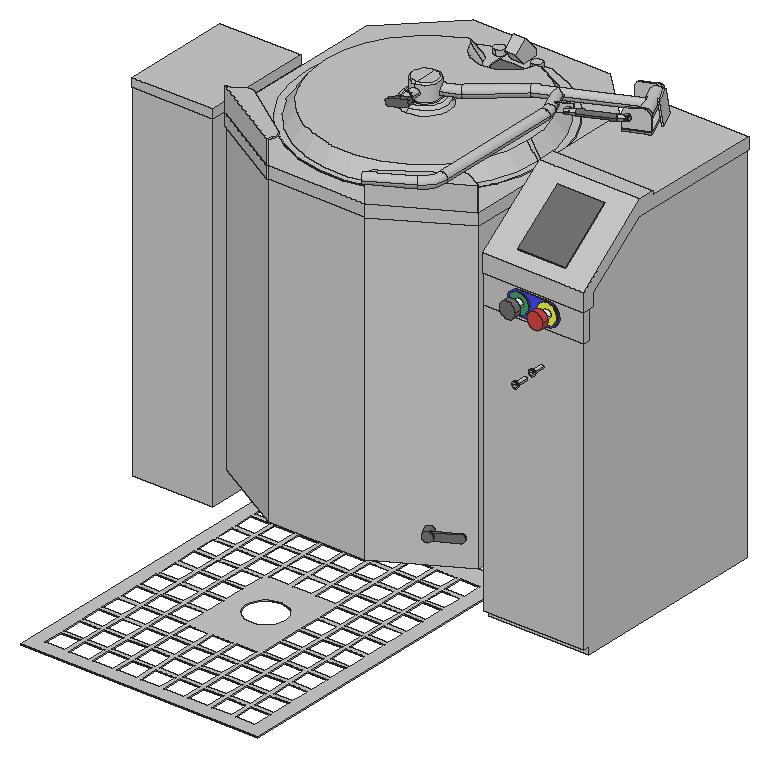
Revit family "QF_DIETATEC_C-CLASSIC_100_180516033213", category Specialty Equipment, Revit 2015
Parameters
  Width [instance] = 1154 mm
  Weight in Pounds [instance] = 319.667
  Volts [instance] = 400 V
  URL Cutsheet [instance] = ""
  URL = "www.dietatec.com"
  Status [instance] = ""
  Specification by User [instance] = ""
  Specification by Manufacturer [instance] = ""
  Serial Number [instance] = "C-CLASSIC_100"
  Seismic Rating [instance] = ""
  SMACNA No [instance] = ""
  Revision Code [instance] = ""
  Phase [instance] = 0
  Number of Poles [instance] = 3
  NAFEM Spec ID Number [instance] = ""
  Model = "54313"
  Min Ckt Ampacity [instance] = 0 A
  Max Overcurrent Protection [instance] = 0 A
  Masterspec [instance] = ""
  Manufacturer = "DIETATEC"
  ListPrice [instance] = 0
  Item Number [instance] = ""
  Installed By [instance] = ""
  Identify Quantity as Lot [instance] = yes
  Height [instance] = 1000 mm
  HP [instance] = ""
  Furnished By [instance] = ""
  Foodservice Equipment Identifier [instance] = yes
  FL Amps [instance] = 20 A
  Elec Conn RI Height [instance] = 0 mm
  Elec Conn Connection Height [instance] = 120 mm
  Description = "DIETA C-CLASSIC 100 KETTLE, ELECTRIC MODEL"
  Depth [instance] = 770 mm
  Cycle [instance] = 50 Hz
  Conn Plug [instance] = ""
  Conn Conduit [instance] = yes
  CSI MasterFormat [instance] = ""
  Assembly Code = "E1090320"
  Apparent Power [instance] = 13500 VA
Reference planes
  plane 1 "Center (Front/Back)": y = 0
  plane 2: z = 0
  plane 3 "Center (Left/Right)": x = 0
Forms (mm)
  Extrusion 1, solid, not visible
    sketch origin (803.5, -97.5, 120) x (1, 0, 0) y (0, 1, 0)
      loop
        line (0, 0) -> (2, 0) -> (2, 2) -> (0, 2) -> (0, 0)
    from 0 to 2
Dimensions and locks
  aligned and locked: level to plane 2
Nested families
  nested 1: "QF_Dietatec_C-CLASSIC_100_FL" at (0, 0, 0), type "54313_400_3"
    with Width 1154 mm, Status "", Specification by User "", Show Logo yes, Show Clearance yes, Revision Code "", Plumbing Remarks "", Plumbing Connection Type "", Number of Poles 3, ListPrice 0, Item Number "", Installed By "", Identify Quantity as Lot no, Height 1000 mm, Furnished By "", Foodservice Equipment Identifier yes, Electrical Remarks "", Electric Connection Type "", Elec Conn RI Height 0 mm, Elec Conn Connection Height 120 mm, Depth 770 mm, Conn Conduit no, Cold Water RI Height 120 mm, Cold Water Flow 0.0 L/s, Cold Water Consumption "", Cold Water Connection Height 120 mm
  nested 2: "QF_Dietatec_KETTLE_LEFT_LEG" at (0, 0, 0), type "KETTLE_LEFT_LEG"
    with Width 275 mm, Status "", Specification by User "", Show Logo yes, Show Clearance yes, Revision Code "", ListPrice 0, Item Number "", Installed By "", Identify Quantity as Lot no, Height 900 mm, Furnished By "", Foodservice Equipment Identifier yes, Depth 200 mm
Connectors
  electrical at (804.5, -95.5, 121), driven by "Volts"
    settings: on Extrusion 1, index 1, voltage 400 V, apparent load 13500 VA, apparent load phase1 0 VA, apparent load phase2 0 VA, apparent load phase3 0 VA, power factor 1, load classification "Other", number of poles 1, system type 30, power factor state 1, is connector primary yes, connector utility no, sub classification motor no, connector description "Electrical connection"
Definition of nested family "QF_Dietatec_C-CLASSIC_100_FL"
  Parameters (values of type "54313_400_3")
    Width [instance] = 0 mm
    Weight in Pounds = 319.6699
    Watts = 500 W
    Volts = 230 V
    URL Cutsheet = "www.dietatec.com"
    URL = "www.dietatec.com"
    Status [instance] = ""
    Specification by User [instance] = ""
    Specification by Manufacturer = ""
    Show Logo [instance] = yes
    Show Clearance [instance] = yes
    Serial Number = ""
    Seismic Rating = ""
    SMACNA No = ""
    Revision Code [instance] = ""
    Plumbing Remarks [instance] = ""
    Plumbing Connection Type [instance] = ""
    Phase = 1
    Number of Poles [instance] = 1
    NAFEM Spec ID Number = ""
    Model = "54313+43730"
    Min Ckt Ampacity = 0 A
    Max Overcurrent Protection = 0 A
    Masterspec = ""
    Manufacturer = "DIETATEC"
    ListPrice [instance] = 0
    Item Number [instance] = ""
    Installed By [instance] = ""
    Identify Quantity as Lot [instance] = no
    Height [instance] = 0 mm
    HP = "0.670510000000"
    Furnished By [instance] = ""
    Foodservice Equipment Identifier [instance] = yes
    FL Amps = 10 A
    Electrical Remarks [instance] = ""
    Electric Connection Type [instance] = ""
    Elec Conn RI Height [instance] = 0 mm
    Elec Conn Connection Height [instance] = 120 mm
    Description = "DIETA C-CLASSIC 100 KETTLE, STEAM MODEL"
    Depth [instance] = 0 mm
    Cycle = 50 Hz
    Conn Plug = ""
    Conn Conduit [instance] = no
    Cold Water Temperature Recommended = 0 °C
    Cold Water Size = 12.7 mm
    Cold Water RI Height [instance] = 120 mm
    Cold Water Minimum Pressure = 20000.0 Pa
    Cold Water Maximum Pressure = 50000.0 Pa
    Cold Water Flow [instance] = 0.0 L/s
    Cold Water Consumption [instance] = ""
    Cold Water Connection Height [instance] = 120 mm
    CSI MasterFormat = ""
    Assembly Code = "E1090320"
    Apparent Power = 500 VA
  Reference planes
    plane 1 "Back": y = 0
    plane 2: z = 0
    plane 3 "Left": x = 0
    plane 4 "Right": x = 950.5
    plane 5 "Front": y = -769.992
    plane 6 "Top": z = 1000
  Forms (mm)
    Extrusion 1, solid
      sketch origin (1853.203, 903.185, 150) x (1, 0, 0) y (0, 1, 0)
        loop
          line (-1804.703, -1372.685) -> (-1804.703, -2172.685) -> (-1204.703, -2172.685) -> (-1204.703, -1372.685) -> (-1804.703, -1372.685)
        loop
          line (-1769.703, -1427.685) -> (-1769.703, -1477.685) -> (-1719.703, -1477.685) -> (-1719.703, -1427.685) -> (-1769.703, -1427.685)
        loop
          line (-1709.703, -1427.685) -> (-1709.703, -1477.685) -> (-1659.703, -1477.685) -> (-1659.703, -1427.685) -> (-1709.703, -1427.685)
        loop
          line (-1649.703, -1427.685) -> (-1649.703, -1477.685) -> (-1599.703, -1477.685) -> (-1599.703, -1427.685) -> (-1649.703, -1427.685)
        loop
          line (-1589.703, -1427.685) -> (-1589.703, -1477.685) -> (-1539.703, -1477.685) -> (-1539.703, -1427.685) -> (-1589.703, -1427.685)
        loop
          line (-1529.703, -1427.685) -> (-1529.703, -1477.685) -> (-1479.703, -1477.685) -> (-1479.703, -1427.685) -> (-1529.703, -1427.685)
        loop
          line (-1469.703, -1427.685) -> (-1469.703, -1477.685) -> (-1419.703, -1477.685) -> (-1419.703, -1427.685) -> (-1469.703, -1427.685)
        loop
          line (-1409.703, -1427.685) -> (-1409.703, -1477.685) -> (-1359.703, -1477.685) -> (-1359.703, -1427.685) -> (-1409.703, -1427.685)
        loop
          line (-1349.703, -1427.685) -> (-1349.703, -1477.685) -> (-1299.703, -1477.685) -> (-1299.703, -1427.685) -> (-1349.703, -1427.685)
        loop
          line (-1289.703, -1427.685) -> (-1289.703, -1477.685) -> (-1239.703, -1477.685) -> (-1239.703, -1427.685) -> (-1289.703, -1427.685)
        loop
          line (-1769.703, -1487.685) -> (-1769.703, -1537.685) -> (-1719.703, -1537.685) -> (-1719.703, -1487.685) -> (-1769.703, -1487.685)
        loop
          line (-1709.703, -1487.685) -> (-1709.703, -1537.685) -> (-1659.703, -1537.685) -> (-1659.703, -1487.685) -> (-1709.703, -1487.685)
        loop
          line (-1649.703, -1487.685) -> (-1649.703, -1537.685) -> (-1599.703, -1537.685) -> (-1599.703, -1487.685) -> (-1649.703, -1487.685)
        loop
          line (-1589.703, -1487.685) -> (-1589.703, -1537.685) -> (-1539.703, -1537.685) -> (-1539.703, -1487.685) -> (-1589.703, -1487.685)
        loop
          line (-1529.703, -1487.685) -> (-1529.703, -1537.685) -> (-1479.703, -1537.685) -> (-1479.703, -1487.685) -> (-1529.703, -1487.685)
        loop
          line (-1469.703, -1487.685) -> (-1469.703, -1537.685) -> (-1419.703, -1537.685) -> (-1419.703, -1487.685) -> (-1469.703, -1487.685)
        loop
          line (-1409.703, -1487.685) -> (-1409.703, -1537.685) -> (-1359.703, -1537.685) -> (-1359.703, -1487.685) -> (-1409.703, -1487.685)
        loop
          line (-1349.703, -1487.685) -> (-1349.703, -1537.685) -> (-1299.703, -1537.685) -> (-1299.703, -1487.685) -> (-1349.703, -1487.685)
        loop
          line (-1289.703, -1487.685) -> (-1289.703, -1537.685) -> (-1239.703, -1537.685) -> (-1239.703, -1487.685) -> (-1289.703, -1487.685)
        loop
          line (-1769.703, -1547.685) -> (-1769.703, -1597.685) -> (-1719.703, -1597.685) -> (-1719.703, -1547.685) -> (-1769.703, -1547.685)
        loop
          line (-1709.703, -1547.685) -> (-1709.703, -1597.685) -> (-1659.703, -1597.685) -> (-1659.703, -1547.685) -> (-1709.703, -1547.685)
        loop
          line (-1649.703, -1547.685) -> (-1649.703, -1597.685) -> (-1599.703, -1597.685) -> (-1599.703, -1547.685) -> (-1649.703, -1547.685)
        loop
          line (-1589.703, -1547.685) -> (-1589.703, -1597.685) -> (-1539.703, -1597.685) -> (-1539.703, -1547.685) -> (-1589.703, -1547.685)
        loop
          line (-1529.703, -1547.685) -> (-1529.703, -1597.685) -> (-1479.703, -1597.685) -> (-1479.703, -1547.685) -> (-1529.703, -1547.685)
        loop
          line (-1469.703, -1547.685) -> (-1469.703, -1597.685) -> (-1419.703, -1597.685) -> (-1419.703, -1547.685) -> (-1469.703, -1547.685)
        loop
          line (-1409.703, -1547.685) -> (-1409.703, -1597.685) -> (-1359.703, -1597.685) -> (-1359.703, -1547.685) -> (-1409.703, -1547.685)
        loop
          line (-1349.703, -1547.685) -> (-1349.703, -1597.685) -> (-1299.703, -1597.685) -> (-1299.703, -1547.685) -> (-1349.703, -1547.685)
        loop
          line (-1289.703, -1547.685) -> (-1289.703, -1597.685) -> (-1239.703, -1597.685) -> (-1239.703, -1547.685) -> (-1289.703, -1547.685)
        loop
          line (-1769.703, -1607.685) -> (-1769.703, -1657.685) -> (-1719.703, -1657.685) -> (-1719.703, -1607.685) -> (-1769.703, -1607.685)
        loop
          line (-1709.703, -1607.685) -> (-1709.703, -1657.685) -> (-1659.703, -1657.685) -> (-1659.703, -1607.685) -> (-1709.703, -1607.685)
        loop
          line (-1649.703, -1607.685) -> (-1649.703, -1657.685) -> (-1599.703, -1657.685) -> (-1599.703, -1607.685) -> (-1649.703, -1607.685)
        loop
          line (-1589.703, -1607.685) -> (-1589.703, -1657.685) -> (-1539.703, -1657.685) -> (-1539.703, -1607.685) -> (-1589.703, -1607.685)
        loop
          line (-1529.703, -1607.685) -> (-1529.703, -1657.685) -> (-1479.703, -1657.685) -> (-1479.703, -1607.685) -> (-1529.703, -1607.685)
        loop
          line (-1469.703, -1607.685) -> (-1469.703, -1657.685) -> (-1419.703, -1657.685) -> (-1419.703, -1607.685) -> (-1469.703, -1607.685)
        loop
          line (-1409.703, -1607.685) -> (-1409.703, -1657.685) -> (-1359.703, -1657.685) -> (-1359.703, -1607.685) -> (-1409.703, -1607.685)
        loop
          line (-1349.703, -1607.685) -> (-1349.703, -1657.685) -> (-1299.703, -1657.685) -> (-1299.703, -1607.685) -> (-1349.703, -1607.685)
        loop
          line (-1289.703, -1607.685) -> (-1289.703, -1657.685) -> (-1239.703, -1657.685) -> (-1239.703, -1607.685) -> (-1289.703, -1607.685)
        loop
          line (-1769.703, -1667.685) -> (-1769.703, -1717.685) -> (-1719.703, -1717.685) -> (-1719.703, -1667.685) -> (-1769.703, -1667.685)
        loop
          line (-1709.703, -1667.685) -> (-1709.703, -1717.685) -> (-1659.703, -1717.685) -> (-1659.703, -1667.685) -> (-1709.703, -1667.685)
        loop
          line (-1649.703, -1667.685) -> (-1649.703, -1717.685) -> (-1599.703, -1717.685) -> (-1599.703, -1667.685) -> (-1649.703, -1667.685)
        loop
          line (-1409.703, -1667.685) -> (-1409.703, -1717.685) -> (-1359.703, -1717.685) -> (-1359.703, -1667.685) -> (-1409.703, -1667.685)
        loop
          line (-1349.703, -1667.685) -> (-1349.703, -1717.685) -> (-1299.703, -1717.685) -> (-1299.703, -1667.685) -> (-1349.703, -1667.685)
        loop
          line (-1289.703, -1667.685) -> (-1289.703, -1717.685) -> (-1239.703, -1717.685) -> (-1239.703, -1667.685) -> (-1289.703, -1667.685)
        loop
          line (-1769.703, -1727.685) -> (-1769.703, -1777.685) -> (-1719.703, -1777.685) -> (-1719.703, -1727.685) -> (-1769.703, -1727.685)
        loop
          line (-1709.703, -1727.685) -> (-1709.703, -1777.685) -> (-1659.703, -1777.685) -> (-1659.703, -1727.685) -> (-1709.703, -1727.685)
        loop
          line (-1649.703, -1727.685) -> (-1649.703, -1777.685) -> (-1599.703, -1777.685) -> (-1599.703, -1727.685) -> (-1649.703, -1727.685)
        loop
          line (-1409.703, -1727.685) -> (-1409.703, -1777.685) -> (-1359.703, -1777.685) -> (-1359.703, -1727.685) -> (-1409.703, -1727.685)
        loop
          line (-1349.703, -1727.685) -> (-1349.703, -1777.685) -> (-1299.703, -1777.685) -> (-1299.703, -1727.685) -> (-1349.703, -1727.685)
        loop
          line (-1289.703, -1727.685) -> (-1289.703, -1777.685) -> (-1239.703, -1777.685) -> (-1239.703, -1727.685) -> (-1289.703, -1727.685)
        loop
          line (-1769.703, -1787.685) -> (-1769.703, -1837.685) -> (-1719.703, -1837.685) -> (-1719.703, -1787.685) -> (-1769.703, -1787.685)
        loop
          line (-1709.703, -1787.685) -> (-1709.703, -1837.685) -> (-1659.703, -1837.685) -> (-1659.703, -1787.685) -> (-1709.703, -1787.685)
        loop
          line (-1649.703, -1787.685) -> (-1649.703, -1837.685) -> (-1599.703, -1837.685) -> (-1599.703, -1787.685) -> (-1649.703, -1787.685)
        loop
          line (-1409.703, -1787.685) -> (-1409.703, -1837.685) -> (-1359.703, -1837.685) -> (-1359.703, -1787.685) -> (-1409.703, -1787.685)
        loop
          line (-1349.703, -1787.685) -> (-1349.703, -1837.685) -> (-1299.703, -1837.685) -> (-1299.703, -1787.685) -> (-1349.703, -1787.685)
        loop
          line (-1289.703, -1787.685) -> (-1289.703, -1837.685) -> (-1239.703, -1837.685) -> (-1239.703, -1787.685) -> (-1289.703, -1787.685)
        loop
          line (-1769.703, -1847.685) -> (-1769.703, -1897.685) -> (-1719.703, -1897.685) -> (-1719.703, -1847.685) -> (-1769.703, -1847.685)
        loop
          line (-1709.703, -1847.685) -> (-1709.703, -1897.685) -> (-1659.703, -1897.685) -> (-1659.703, -1847.685) -> (-1709.703, -1847.685)
        loop
          line (-1649.703, -1847.685) -> (-1649.703, -1897.685) -> (-1599.703, -1897.685) -> (-1599.703, -1847.685) -> (-1649.703, -1847.685)
        loop
          line (-1409.703, -1847.685) -> (-1409.703, -1897.685) -> (-1359.703, -1897.685) -> (-1359.703, -1847.685) -> (-1409.703, -1847.685)
        loop
          line (-1349.703, -1847.685) -> (-1349.703, -1897.685) -> (-1299.703, -1897.685) -> (-1299.703, -1847.685) -> (-1349.703, -1847.685)
        loop
          line (-1289.703, -1847.685) -> (-1289.703, -1897.685) -> (-1239.703, -1897.685) -> (-1239.703, -1847.685) -> (-1289.703, -1847.685)
        loop
          line (-1769.703, -1907.685) -> (-1769.703, -1957.685) -> (-1719.703, -1957.685) -> (-1719.703, -1907.685) -> (-1769.703, -1907.685)
        loop
          line (-1709.703, -1907.685) -> (-1709.703, -1957.685) -> (-1659.703, -1957.685) -> (-1659.703, -1907.685) -> (-1709.703, -1907.685)
        loop
          line (-1649.703, -1907.685) -> (-1649.703, -1957.685) -> (-1599.703, -1957.685) -> (-1599.703, -1907.685) -> (-1649.703, -1907.685)
        loop
          line (-1589.703, -1907.685) -> (-1589.703, -1957.685) -> (-1539.703, -1957.685) -> (-1539.703, -1907.685) -> (-1589.703, -1907.685)
        loop
          line (-1529.703, -1907.685) -> (-1529.703, -1957.685) -> (-1479.703, -1957.685) -> (-1479.703, -1907.685) -> (-1529.703, -1907.685)
        loop
          line (-1469.703, -1907.685) -> (-1469.703, -1957.685) -> (-1419.703, -1957.685) -> (-1419.703, -1907.685) -> (-1469.703, -1907.685)
        loop
          line (-1409.703, -1907.685) -> (-1409.703, -1957.685) -> (-1359.703, -1957.685) -> (-1359.703, -1907.685) -> (-1409.703, -1907.685)
        loop
          line (-1349.703, -1907.685) -> (-1349.703, -1957.685) -> (-1299.703, -1957.685) -> (-1299.703, -1907.685) -> (-1349.703, -1907.685)
        loop
          line (-1289.703, -1907.685) -> (-1289.703, -1957.685) -> (-1239.703, -1957.685) -> (-1239.703, -1907.685) -> (-1289.703, -1907.685)
        loop
          line (-1769.703, -1967.685) -> (-1769.703, -2017.685) -> (-1719.703, -2017.685) -> (-1719.703, -1967.685) -> (-1769.703, -1967.685)
        loop
          line (-1709.703, -1967.685) -> (-1709.703, -2017.685) -> (-1659.703, -2017.685) -> (-1659.703, -1967.685) -> (-1709.703, -1967.685)
        loop
          line (-1649.703, -1967.685) -> (-1649.703, -2017.685) -> (-1599.703, -2017.685) -> (-1599.703, -1967.685) -> (-1649.703, -1967.685)
        loop
          line (-1589.703, -1967.685) -> (-1589.703, -2017.685) -> (-1539.703, -2017.685) -> (-1539.703, -1967.685) -> (-1589.703, -1967.685)
        loop
          line (-1529.703, -1967.685) -> (-1529.703, -2017.685) -> (-1479.703, -2017.685) -> (-1479.703, -1967.685) -> (-1529.703, -1967.685)
        loop
          line (-1469.703, -1967.685) -> (-1469.703, -2017.685) -> (-1419.703, -2017.685) -> (-1419.703, -1967.685) -> (-1469.703, -1967.685)
        loop
          line (-1409.703, -1967.685) -> (-1409.703, -2017.685) -> (-1359.703, -2017.685) -> (-1359.703, -1967.685) -> (-1409.703, -1967.685)
        loop
          line (-1349.703, -1967.685) -> (-1349.703, -2017.685) -> (-1299.703, -2017.685) -> (-1299.703, -1967.685) -> (-1349.703, -1967.685)
        loop
          line (-1289.703, -1967.685) -> (-1289.703, -2017.685) -> (-1239.703, -2017.685) -> (-1239.703, -1967.685) -> (-1289.703, -1967.685)
        loop
          line (-1769.703, -2027.685) -> (-1769.703, -2077.685) -> (-1719.703, -2077.685) -> (-1719.703, -2027.685) -> (-1769.703, -2027.685)
        loop
          line (-1709.703, -2027.685) -> (-1709.703, -2077.685) -> (-1659.703, -2077.685) -> (-1659.703, -2027.685) -> (-1709.703, -2027.685)
        loop
          line (-1649.703, -2027.685) -> (-1649.703, -2077.685) -> (-1599.703, -2077.685) -> (-1599.703, -2027.685) -> (-1649.703, -2027.685)
        loop
          line (-1589.703, -2027.685) -> (-1589.703, -2077.685) -> (-1539.703, -2077.685) -> (-1539.703, -2027.685) -> (-1589.703, -2027.685)
        loop
          line (-1529.703, -2027.685) -> (-1529.703, -2077.685) -> (-1479.703, -2077.685) -> (-1479.703, -2027.685) -> (-1529.703, -2027.685)
        loop
          line (-1469.703, -2027.685) -> (-1469.703, -2077.685) -> (-1419.703, -2077.685) -> (-1419.703, -2027.685) -> (-1469.703, -2027.685)
        loop
          line (-1409.703, -2027.685) -> (-1409.703, -2077.685) -> (-1359.703, -2077.685) -> (-1359.703, -2027.685) -> (-1409.703, -2027.685)
        loop
          line (-1349.703, -2027.685) -> (-1349.703, -2077.685) -> (-1299.703, -2077.685) -> (-1299.703, -2027.685) -> (-1349.703, -2027.685)
        loop
          line (-1289.703, -2027.685) -> (-1289.703, -2077.685) -> (-1239.703, -2077.685) -> (-1239.703, -2027.685) -> (-1289.703, -2027.685)
        loop
          line (-1769.703, -2087.685) -> (-1769.703, -2137.685) -> (-1719.703, -2137.685) -> (-1719.703, -2087.685) -> (-1769.703, -2087.685)
        loop
          line (-1709.703, -2087.685) -> (-1709.703, -2137.685) -> (-1659.703, -2137.685) -> (-1659.703, -2087.685) -> (-1709.703, -2087.685)
        loop
          line (-1649.703, -2087.685) -> (-1649.703, -2137.685) -> (-1599.703, -2137.685) -> (-1599.703, -2087.685) -> (-1649.703, -2087.685)
        loop
          line (-1589.703, -2087.685) -> (-1589.703, -2137.685) -> (-1539.703, -2137.685) -> (-1539.703, -2087.685) -> (-1589.703, -2087.685)
        loop
          line (-1529.703, -2087.685) -> (-1529.703, -2137.685) -> (-1479.703, -2137.685) -> (-1479.703, -2087.685) -> (-1529.703, -2087.685)
        loop
          line (-1469.703, -2087.685) -> (-1469.703, -2137.685) -> (-1419.703, -2137.685) -> (-1419.703, -2087.685) -> (-1469.703, -2087.685)
        loop
          line (-1409.703, -2087.685) -> (-1409.703, -2137.685) -> (-1359.703, -2137.685) -> (-1359.703, -2087.685) -> (-1409.703, -2087.685)
        loop
          line (-1349.703, -2087.685) -> (-1349.703, -2137.685) -> (-1299.703, -2137.685) -> (-1299.703, -2087.685) -> (-1349.703, -2087.685)
        loop
          line (-1289.703, -2087.685) -> (-1289.703, -2137.685) -> (-1239.703, -2137.685) -> (-1239.703, -2087.685) -> (-1289.703, -2087.685)
        loop
          circle (-1504.703, -1772.685) r 50
      from -150 to -148
    Extrusion 2, solid
      sketch origin (-203, -1000, 0) x (0, 1, 0) y (0, 0, 1)
        loop
          line (899, 0) -> (899, 921.5) -> (555.633, 921.5) -> (410.5, 812.65) -> (410.5, 782.65) -> (397.5, 782.65) -> (397.5, 710.15) -> (382, 710.15) -> (382, 19) -> (397.5, 19) -> (397.5, 0) -> (899, 0)
      from 901 to 1152
    Extrusion 3, solid
      sketch origin (-203, 0, 0) x (0, 1, 0) y (0, 0, 1)
        loop
          line (-602.5, 782.65) -> (-618, 782.65) -> (-618, 710.15) -> (-602.5, 710.15) -> (-602.5, 782.65)
      from 901 to 1152
    Extrusion 4, solid
      sketch origin (48.5, -732.029, 6.15) x (1, 0, 0) y (0, 0, 1)
        loop
          circle (740, 741) r 10
      from -112.029 to -90
    Extrusion 5, solid
      sketch origin (48.5, -792.029, 6.15) x (1, 0, 0) y (0, 0, 1)
        loop
          circle (740, 741) r 20
      from -150 to -135
    Extrusion 6, solid
      sketch origin (48.5, -768, 6.15) x (1, 0, 0) y (0, 0, 1)
        loop
          circle (740, 741) r 25
      from -150 to -148
    Extrusion 7, solid
      sketch origin (118.5, -732.029, 6.15) x (1, 0, 0) y (0, 0, 1)
        loop
          circle (740, 741) r 10
      from -112.029 to -90
    Extrusion 8, solid
      sketch origin (118.5, -792.029, 6.15) x (1, 0, 0) y (0, 0, 1)
        loop
          circle (740, 741) r 20
      from -150 to -135
    Extrusion 9, solid
      sketch origin (118.5, -768, 6.15) x (1, 0, 0) y (0, 0, 1)
        loop
          circle (740, 741) r 25
      from -150 to -148
    Extrusion 10, solid
      sketch origin (130.5, -767, -53.35) x (1, 0, 0) y (0, 0, 1)
        loop
          arc (658, 830.5) -> (628, 800.5) -> (658, 770.5) r 30
          line (658, 770.5) -> (728, 770.5)
          arc (728, 770.5) -> (758, 800.5) -> (728, 830.5) r 30
          line (728, 830.5) -> (658, 830.5)
      from -150 to -148
    Extrusion 11, solid
      sketch origin (-203, 0, 0) x (0, 1, 0) y (0, 0, 1)
        loop
          line (-468.4, 941.6) -> (-593.2, 848) -> (-592, 846.4) -> (-467.2, 940) -> (-468.4, 941.6)
      from 966.5 to 1086.5
    Revolve 12, solid
      sketch origin (-203, 0, 580) x (1, 0, 0) y (0, 1, 0)
        loop
          line (1009.5, -618.013) -> (1005.5, -618.013) -> (1005.5, -651) -> (1012.485, -651)
          arc (1012.485, -651) -> (1012.849, -650.849) -> (1013, -650.485) r 0.515
          line (1013, -650.485) -> (1013, -648.5) -> (1009.5, -648.5) -> (1009.5, -618.013)
        axis (1005.5, -651) -> (1005.5, -618.013)
      angle from 0 to 360
    Revolve 13, solid
      sketch origin (-161, 0, 622) x (1, 0, 0) y (0, 1, 0)
        loop
          line (1009.5, -618.003) -> (1005.5, -618.003) -> (1005.5, -651) -> (1012.485, -651)
          arc (1012.485, -651) -> (1012.849, -650.849) -> (1013, -650.485) r 0.515
          line (1013, -650.485) -> (1013, -648.5) -> (1009.5, -648.5) -> (1009.5, -618.003)
        axis (1005.5, -651) -> (1005.5, -618.003)
      angle from 0 to 360
    Revolve 14, solid
      sketch origin (-203, -476, 0) x (1, 0, 0) y (0, 0, 1)
        loop
          line (204.5, 825) -> (201.5, 825) -> (201.5, 775) -> (233, 775) -> (233, 837.5) -> (232.15, 837.5) -> (232.15, 824.35)
          arc (232.15, 824.35) -> (230.796, 821.35) -> (227.65, 820.381) r 4
          line (227.65, 820.381) -> (227.65, 819.45) -> (213, 819.45) -> (213, 818.5) -> (204.5, 818.5) -> (204.5, 825)
        axis (233, 775) -> (201.5, 775)
      angle from 0 to 360
    Revolve 15, solid
      sketch origin (900, -476, 0) x (-1, 0, 0) y (0, 0, -1)
        loop
          line (204.5, -825) -> (204.5, -818.5) -> (213, -818.5) -> (213, -819.45) -> (227.65, -819.45) -> (227.65, -820.381)
          arc (227.65, -820.381) -> (230.796, -821.35) -> (232.15, -824.35) r 4
          line (232.15, -824.35) -> (232.15, -837.5) -> (233, -837.5) -> (233, -775) -> (201.5, -775) -> (201.5, -825) -> (204.5, -825)
        axis (233, -775) -> (201.5, -775)
      angle from 0 to 360
    Extrusion 16, solid
      sketch origin (-203, 0, 0) x (1, 0, 0) y (0, 1, 0)
        loop
          line (722.48, -3.3) -> (380.52, -3.3) -> (233.3, -150.52) -> (233.3, -596.343) -> (430.16, -710) -> (672.84, -710) -> (869.7, -596.343) -> (869.7, -150.52) -> (722.48, -3.3)
      from 93.772 to 870
    Extrusion 17, solid
      sketch origin (-203, 0, 27) x (1, 0, 0) y (0, 1, 0)
        loop
          line (430.16, -710) -> (672.84, -710) -> (674, -709.33) -> (675.65, -712.188) -> (873, -598.248) -> (873, -149.153) -> (723.847, 0) -> (379.153, 0) -> (230, -149.153) -> (230, -598.248) -> (427.35, -712.188) -> (429, -709.33) -> (430.16, -710)
      from 843 to 873
    Extrusion 18, solid
      sketch origin (-203, 0, 1020) x (1, 0, 0) y (0, 1, 0)
        loop
          line (674, -709.33) -> (675.65, -712.188) -> (870.593, -599.638) -> (868.943, -596.78) -> (674, -709.33)
        loop
          line (429, -709.33) -> (234.057, -596.78) -> (232.407, -599.638) -> (427.35, -712.188) -> (429, -709.33)
      from -120 to -59.435
    Extrusion 19, solid
      sketch origin (-203, 0, 1040) x (1, 0, 0) y (0, 1, 0)
        loop
          line (241.167, -594.601) -> (234.057, -596.78) -> (232.407, -599.638) -> (427.35, -712.188) -> (433.173, -702.102)
          arc (433.173, -702.102) -> (435.379, -687.773) -> (427.324, -675.719) r 20
          line (427.324, -675.719) -> (290.139, -579.661)
          arc (290.139, -579.661) -> (279.54, -576.063) -> (268.668, -578.723) r 20
          line (268.668, -578.723) -> (241.167, -594.601)
        loop
          line (861.833, -594.601) -> (834.332, -578.723)
          arc (834.332, -578.723) -> (823.46, -576.063) -> (812.861, -579.661) r 20
          line (812.861, -579.661) -> (675.676, -675.719)
          arc (675.676, -675.719) -> (667.621, -687.773) -> (669.827, -702.102) r 20
          line (669.827, -702.102) -> (675.65, -712.188) -> (870.593, -599.638) -> (868.943, -596.78) -> (861.833, -594.601)
      from -81.15 to -78.15
    Revolve 20, solid
      sketch origin (348.5, 0, 0) x (0, 1, 0) y (0, 0, 1)
        loop
          line (-366, 995.5) -> (-366, 937.455) -> (-307.025, 937.455) -> (-312.103, 946.25)
          arc (-312.103, 946.25) -> (-315.946, 950.093) -> (-321.196, 951.5) r 10.5
          line (-321.196, 951.5) -> (-331, 951.5) -> (-331, 953.5) -> (-332.5, 953.5) -> (-332.5, 992) -> (-336, 995.5) -> (-366, 995.5)
        axis (-366, 937.455) -> (-366, 995.5)
      angle from 0 to 360
    Extrusion 21, solid
      sketch origin (-203, 0, 879.5) x (1, 0, 0) y (0, 1, 0)
        loop
          arc (471.1, -61.974) -> (312.628, -169.506) -> (251.5, -351) r 300
          line (251.5, -351) -> (251.5, -366)
          arc (251.5, -366) -> (551.5, -666) -> (851.5, -366) r 300
          line (851.5, -366) -> (851.5, -351)
          arc (851.5, -351) -> (790.372, -169.506) -> (631.9, -61.974) r 300
          arc (631.9, -61.974) -> (625.262, -60.605) -> (618.5, -60.145) r 50
          line (618.5, -60.145) -> (599, -60.145)
          arc (599, -60.145) -> (590.161, -63.806) -> (586.5, -72.645) r 12.5
          arc (586.5, -72.645) -> (585.938, -92.703) -> (584.308, -112.702) r 376.25
          arc (584.308, -112.702) -> (551.5, -142.145) -> (518.692, -112.702) r 33
          arc (518.692, -112.702) -> (517.061, -92.687) -> (516.5, -72.613) r 376.25
          arc (516.5, -72.613) -> (512.828, -63.795) -> (504, -60.145) r 12.5
          line (504, -60.145) -> (484.5, -60.145)
          arc (484.5, -60.145) -> (477.738, -60.605) -> (471.1, -61.974) r 50
      from 20 to 22
    Blend 22, solid
      base sketch origin (-203, 0, 0) x (1, 0, 0) y (0, 1, 0)
        loop
          arc (445.186, -92.991) -> (316.303, -197.386) -> (267.817, -356) r 283.683
          line (267.817, -356) -> (267.817, -366)
          arc (267.817, -366) -> (551.5, -649.683) -> (835.183, -366) r 283.683
          line (835.183, -366) -> (835.183, -356)
          arc (835.183, -356) -> (786.697, -197.386) -> (657.814, -92.991) r 283.683
          arc (657.814, -92.991) -> (624.632, -94.01) -> (602.983, -119.177) r 41.183
          arc (602.983, -119.177) -> (551.5, -157.317) -> (500.017, -119.177) r 53.817
          arc (500.017, -119.177) -> (478.368, -94.01) -> (445.186, -92.991) r 41.183
      top sketch origin (-203, 0, 0) x (1, 0, 0) y (0, 1, 0)
        loop
          arc (455.212, -117.796) -> (338.484, -212.345) -> (294.571, -356) r 256.929
          line (294.571, -356) -> (294.571, -366)
          arc (294.571, -366) -> (551.5, -622.929) -> (808.429, -366) r 256.929
          line (808.429, -366) -> (808.429, -356)
          arc (808.429, -356) -> (764.516, -212.345) -> (647.788, -117.796) r 256.929
          arc (647.788, -117.796) -> (636.162, -118.153) -> (628.577, -126.97) r 14.429
          arc (628.577, -126.97) -> (551.5, -184.071) -> (474.423, -126.97) r 80.571
          arc (474.423, -126.97) -> (466.838, -118.153) -> (455.212, -117.796) r 14.429
      from 901.5 to 937.63
    Extrusion 23, solid
      sketch origin (-203, 0, 0) x (0, 1, 0) y (0, 0, 1)
        loop
          line (-37.248, 900) -> (-37.248, 917.876) -> (-67.284, 953.672) -> (-97.926, 927.96) -> (-74.464, 900) -> (-37.248, 900)
      from 536.5 to 566.5
    Extrusion 24, solid
      sketch origin (-203, -420, 0) x (1, 0, 0) y (0, 0, 1)
        loop
          arc (524.133, 972.678) -> (522.051, 970.677) -> (521.857, 967.795) r 4.004
          line (521.857, 967.795) -> (523.853, 961.376)
          arc (523.853, 961.376) -> (525.646, 959.116) -> (528.494, 958.65) r 4
          line (528.494, 958.65) -> (545.58, 962.233) -> (562.767, 967.58) -> (578.87, 974.324)
          arc (578.87, 974.324) -> (580.95, 976.323) -> (581.145, 979.201) r 4
          line (581.145, 979.201) -> (579.147, 985.624)
          arc (579.147, 985.624) -> (577.354, 987.884) -> (574.506, 988.35) r 4
          line (574.506, 988.35) -> (557.42, 984.767) -> (540.233, 979.42) -> (524.133, 972.678)
      from 23.355 to 35.355
    Revolve 25, solid
      sketch origin (-203, 0, 973.5) x (1, 0, 0) y (0, 1, 0)
        loop
          line (541.5, -394.5) -> (541.5, -418.855) -> (542.908, -418.855) -> (542.908, -421.355) -> (547, -421.355) -> (547, -423.355) -> (542.5, -423.355) -> (542.5, -443.355) -> (551.5, -443.355) -> (551.5, -394.5) -> (541.5, -394.5)
        axis (551.5, -443.355) -> (551.5, -394.5)
      angle from 0 to 360
    Sweep 26, solid
      path origin (-203, 0, 991.467) x (1, 0, 0) y (0, 1, 0)
        loop
          line (713.848, -769.992) -> (810.092, -714.426)
          arc (810.092, -714.426) -> (832.969, -691.549) -> (841.342, -660.299) r 62.5
          line (841.342, -660.299) -> (841.342, -336.028)
          arc (841.342, -336.028) -> (839.861, -322.501) -> (835.486, -309.615) r 62.5
          line (835.486, -309.615) -> (806.642, -247.757)
      profile origin (638.342, -498.164, 991.467) x (-1, 0, 0) y (0, 0, 1)
        loop
          circle (12.5, 0) r 12.5
    Sweep 27, solid
      path origin (-142.68, -595.041, 0) x (0.906308, 0.422618, 0) y (0, 0, 1)
        loop
          line (564.254, 957.5) -> (619.254, 957.5) -> (759.731, 979) -> (989.731, 979)
      profile origin (393.631, -344.955, 957.5) x (0, 0, 1) y (0.422618, -0.906308, 0)
        loop
          circle (12.5, 0) r 12.5
    Extrusion 28, solid
      sketch origin (386.171, -935.322, -130.924) x (0.866025, 0.5, 0) y (0, 0, 1)
        loop
          circle (315, 303) r 12
      from -150 to -125
    Extrusion 29, solid
      sketch origin (395.171, -950.91, -130.924) x (0.866025, 0.5, 0) y (0, 0, 1)
        loop
          line (321.633, 293) -> (381, 293)
          arc (381, 293) -> (391, 303) -> (381, 313) r 10
          line (381, 313) -> (321.633, 313)
          arc (321.633, 313) -> (327, 303) -> (321.633, 293) r 12
      from -150 to -145
    Extrusion 30, solid
      sketch origin (-203, 0, 950) x (1, 0, 0) y (0, 1, 0)
        loop
          line (858.004, -281.002) -> (817.22, -300.02) -> (818.488, -302.739) -> (859.272, -283.721) -> (858.004, -281.002)
      from 30 to 53
    Revolve 31, solid
      sketch origin (-203, 0, 991.5) x (1, 0, 0) y (0, 1, 0)
        loop
          line (870.848, -285.378) -> (847.634, -296.204)
          arc (847.634, -296.204) -> (847.606, -298.584) -> (848.28, -300.868) r 8
          line (848.28, -300.868) -> (872.75, -289.457) -> (870.848, -285.378)
        loop
          line (944.709, -250.937) -> (946.611, -255.015) -> (971.081, -243.604)
          arc (971.081, -243.604) -> (969.765, -241.62) -> (967.924, -240.112) r 8
          line (967.924, -240.112) -> (944.709, -250.937)
        axis (848.28, -300.868) -> (971.081, -243.604)
      angle from 0 to 360
    Revolve 32, solid
      sketch origin (-203, 0, 991.5) x (1, 0, 0) y (0, 1, 0)
        loop
          line (872.524, -289.563) -> (946.841, -254.908) -> (943.671, -248.111) -> (869.354, -282.765) -> (872.524, -289.563)
        axis (872.524, -289.563) -> (946.841, -254.908)
      angle from 0 to 360
    Revolve 33, solid
      sketch origin (-203, 0, 991.83) x (1, 0, 0) y (0, 1, 0)
        loop
          line (856.34, -305.494) -> (858.742, -304.375) -> (845.326, -275.604) -> (843.514, -276.449) -> (843.03, -277.778) -> (848.207, -288.881) -> (846.394, -289.726) -> (847.602, -292.316)
          arc (847.602, -292.316) -> (848.524, -291.928) -> (849.43, -291.504) r 25
          line (849.43, -291.504) -> (851.438, -294.982) -> (856.34, -305.494)
        axis (845.326, -275.604) -> (858.742, -304.375)
      angle from 0 to 360
    Revolve 34, solid
      sketch origin (1082.87, 599.611, 991.83) x (-0.642788, -0.766044, 0) y (0.766044, -0.642788, 0)
        loop
          line (856.34, 305.494) -> (851.438, 294.982) -> (849.43, 291.504)
          arc (849.43, 291.504) -> (848.524, 291.928) -> (847.602, 292.316) r 25
          line (847.602, 292.316) -> (846.394, 289.726) -> (848.207, 288.881) -> (843.03, 277.778) -> (843.514, 276.449) -> (845.326, 275.604) -> (858.742, 304.375) -> (856.34, 305.494)
        axis (845.326, 275.604) -> (858.742, 304.375)
      angle from 0 to 360
    Extrusion 35, solid
      sketch origin (-723.621, -648.922, 0) x (0.906308, 0.422618, 0) y (0, 0, 1)
        loop
          arc (1518.24, 1010.5) -> (1507.633, 1006.107) -> (1503.24, 995.5) r 15
          line (1503.24, 995.5) -> (1503.24, 961.15) -> (1563.24, 961.15) -> (1563.24, 995.5)
          arc (1563.24, 995.5) -> (1558.846, 1006.107) -> (1548.24, 1010.5) r 15
          line (1548.24, 1010.5) -> (1518.24, 1010.5)
      from 141.433 to 145.433
    Extrusion 36, solid
      sketch origin (-678.612, -745.444, 0) x (0.906308, 0.422618, 0) y (0, 0, 1)
        loop
          arc (1518.24, 1010.5) -> (1507.633, 1006.107) -> (1503.24, 995.5) r 15
          line (1503.24, 995.5) -> (1503.24, 961.15) -> (1563.24, 961.15) -> (1563.24, 995.5)
          arc (1563.24, 995.5) -> (1558.846, 1006.107) -> (1548.24, 1010.5) r 15
          line (1548.24, 1010.5) -> (1518.24, 1010.5)
      from 141.433 to 145.433
    Extrusion 37, solid
      sketch origin (-133.615, -590.593, 0) x (0.906308, 0.422618, 0) y (0, 0, 1)
        loop
          circle (988.861, 991.5) r 15
      from -51.05 to 51.45
    Extrusion 38, solid
      sketch origin (-203, 0, 898.3) x (1, 0, 0) y (0, 1, 0)
        loop
          arc (586.069, -90.158) -> (551.5, -88) -> (516.931, -90.158) r 278
          arc (516.931, -90.158) -> (517.642, -101.443) -> (518.692, -112.702) r 376.25
          arc (518.692, -112.702) -> (551.5, -142.145) -> (584.308, -112.702) r 33
          arc (584.308, -112.702) -> (585.358, -101.443) -> (586.069, -90.158) r 376.25
      from 0 to 2
    Extrusion 39, solid
      sketch origin (251.619, 1234.156, 0) x (0.422618, -0.906308, 0) y (0, 0, 1)
        loop
          line (1435.928, 961.15) -> (1435.928, 959.475)
          arc (1435.928, 959.475) -> (1438.263, 953.836) -> (1443.902, 951.5) r 7.975
          line (1443.902, 951.5) -> (1538.453, 951.5)
          arc (1538.453, 951.5) -> (1544.092, 953.836) -> (1546.428, 959.475) r 7.975
          line (1546.428, 959.475) -> (1546.428, 961.15) -> (1542.428, 961.15) -> (1542.428, 959.475)
          arc (1542.428, 959.475) -> (1541.263, 956.664) -> (1538.453, 955.5) r 3.975
          line (1538.453, 955.5) -> (1443.902, 955.5)
          arc (1443.902, 955.5) -> (1441.092, 956.664) -> (1439.928, 959.475) r 3.975
          line (1439.928, 959.475) -> (1439.928, 961.15) -> (1435.928, 961.15)
      from 116.451 to 176.451
    Extrusion 40, solid
      sketch origin (506.129, 845.214, 13.851) x (0.421008, -0.907057, 0) y (-0.153433, -0.071216, 0.985589)
        loop
          line (1006.415, 961.15) -> (1056.415, 961.15) -> (1056.415, 1013.467)
          arc (1056.415, 1013.467) -> (1054.95, 1017.002) -> (1051.415, 1018.467) r 5
          arc (1051.415, 1018.467) -> (1031.415, 1014.603) -> (1011.415, 1018.467) r 53.69
          arc (1011.415, 1018.467) -> (1007.879, 1017.002) -> (1006.415, 1013.467) r 5
          line (1006.415, 1013.467) -> (1006.415, 961.15)
      from 0 to 4
    Extrusion 41, solid, visible <- "Show Clearance", detail levels coarse
      sketch origin (167, 184.04, 0) x (1, 0, 0) y (0, 1, 0)
        loop
          line (-370, -184.04) -> (783.5, -184.04) -> (783.5, 236.46) -> (-370, 236.46) -> (-370, -184.04)
      from 0 to 1013
    Extrusion 42, solid
      sketch origin (-56.5, -247.5, -68) x (1, 0, 0) y (0, 0, 1)
        loop
          circle (930, 278) r 15
      from -150 to -146.5
    Extrusion 43, solid
      sketch origin (-56.5, -247.5, -158) x (1, 0, 0) y (0, 0, 1)
        loop
          circle (930, 278) r 15
      from -150 to -146.5
    Extrusion 44, solid
      sketch origin (-126.5, -247.5, -158) x (1, 0, 0) y (0, 0, 1)
        loop
          circle (930, 278) r 15
      from -150 to -146.5
    Extrusion 45, solid
      sketch origin (-56.5, -247.5, -113) x (1, 0, 0) y (0, 0, 1)
        loop
          circle (930, 278) r 15
      from -150 to -146.5
    Extrusion 46, solid, visible <- "Show Clearance", detail levels coarse
      sketch origin (-1701.691, -1163.635, 0) x (0.906308, 0.422618, 0) y (0, 0, 1)
        loop
          arc (2655.064, 1697.495) -> (2117.759, 1474.936) -> (1895.2, 937.63) r 759.865
          line (1895.2, 937.63) -> (2655.064, 937.63) -> (2655.064, 1697.495)
      from -156.455 to 443.545
    Extrusion 47, solid
      sketch origin (-203, 0, 901.5) x (1, 0, 0) y (0, 1, 0)
        loop
          circle (504, -72.645) r 12.5
        loop
          circle (599, -72.645) r 12.5
      from 0 to 12
    Extrusion 48, solid
      sketch origin (-203, -1000, 0) x (0, 1, 0) y (0, 0, 1)
        loop
          line (900.5, 921.5) -> (900.5, 951.5) -> (600.5, 951.5) -> (600.5, 961.15) -> (558.5, 961.15) -> (380.5, 827.65) -> (380.5, 782.65) -> (410.5, 782.65) -> (410.5, 812.65) -> (555.633, 921.5) -> (900.5, 921.5)
      from 899.5 to 1153.5
  Cuts and joins
    joined: Extrusion 18, Extrusion 19
  Lines and regions (mm)
    symbolic lines, visible <- "Show Clearance", detail levels coarse
      curve 1: line (950.5, 420.54, 0) -> (-203, 420.54, 0)
    symbolic lines
      curve 2: line (176.153, 0, 0) -> (27, -149.153, 0)
      curve 3: line (27, -149.153, 0) -> (27, -598.248, 0)
      curve 4: line (176.153, 0, 0) -> (520.847, 0, 0)
      curve 5: line (670, -149.153, 0) -> (520.847, 0, 0)
      curve 6: line (670, -598.248, 0) -> (670, -149.153, 0)
      curve 7: line (27, -598.248, 0) -> (48.5, -610.661, 0)
      curve 8: line (48.5, -610.661, 0) -> (48.5, -1269.5, 0)
      curve 9: line (48.5, -1269.5, 0) -> (648.5, -1269.5, 0)
      curve 10: line (648.5, -1269.5, 0) -> (648.5, -637.219, 0)
      curve 11: line (648.5, -637.219, 0) -> (661.287, -629.836, 0)
      curve 12: line (661.287, -629.836, 0) -> (658.787, -625.506, 0)
      curve 13: line (658.787, -625.506, 0) -> (648.5, -631.446, 0)
      curve 14: line (648.5, -631.446, 0) -> (648.5, -610.661, 0)
      curve 15: line (648.5, -610.661, 0) -> (670, -598.248, 0)
      curve 16: line (1.5, -426, 0) -> (0, -426, 0)
      curve 17: line (1.5, -426, 0) -> (1.5, -432.5, 0)
      curve 18: line (1.5, -432.5, 0) -> (10, -432.5, 0)
      curve 19: line (10, -432.5, 0) -> (10, -431.55, 0)
      curve 20: line (10, -431.55, 0) -> (24.65, -431.55, 0)
      curve 21: line (24.65, -431.55, 0) -> (24.65, -430.619, 0)
      curve 22: arc (24.65, -430.619, 0) -> (25.866, -430.599, 0) -> (27, -430.162, 0) r 3.478
      curve 23: line (696.5, -99.5, 0) -> (696.5, -619.5, 0)
      curve 24: line (696.5, -619.5, 0) -> (950.5, -619.5, 0)
      curve 25: line (950.5, -99.5, 0) -> (696.5, -99.5, 0)
      curve 26: line (950.5, -99.5, 0) -> (950.5, -619.5, 0)
      curve 27: line (778.5, -642.029, 0) -> (778.5, -619.5, 0)
      curve 28: line (778.5, -642.029, 0) -> (768.5, -642.029, 0)
      curve 29: line (768.5, -642.029, 0) -> (768.5, -657.029, 0)
      curve 30: line (768.5, -657.029, 0) -> (808.5, -657.029, 0)
      curve 31: line (808.5, -657.029, 0) -> (808.5, -642.029, 0)
      curve 32: line (808.5, -642.029, 0) -> (806.437, -642.029, 0)
      curve 33: line (806.437, -642.029, 0) -> (806.437, -619.5, 0)
      curve 34: line (838.5, -642.029, 0) -> (840.454, -642.029, 0)
      curve 35: line (840.454, -642.029, 0) -> (840.454, -619.5, 0)
      curve 36: line (838.5, -642.029, 0) -> (838.5, -657.029, 0)
      curve 37: line (838.5, -657.029, 0) -> (878.5, -657.029, 0)
      curve 38: line (878.5, -657.029, 0) -> (878.5, -642.029, 0)
      curve 39: line (878.5, -642.029, 0) -> (868.5, -642.029, 0)
      curve 40: line (868.5, -642.029, 0) -> (868.5, -619.5, 0)
      curve 41: line (763.5, -468.4, 0) -> (883.5, -468.4, 0)
      curve 42: line (763.5, -593.2, 0) -> (763.5, -468.4, 0)
      curve 43: line (883.5, -593.2, 0) -> (763.5, -593.2, 0)
      curve 44: line (883.5, -468.4, 0) -> (883.5, -593.2, 0)
      curve 45: line (950.5, -399.5, 0) -> (696.5, -399.5, 0)
      curve 46: line (696.5, -441.5, 0) -> (950.5, -441.5, 0)
      curve 47: line (752.928, -116.451, 0) -> (698.549, -141.808, 0)
      curve 48: line (698.549, -141.808, 0) -> (716.616, -180.552, 0)
      curve 49: line (700.24, -145.433, 0) -> (754.618, -120.076, 0)
      curve 50: line (799.627, -216.598, 0) -> (752.928, -116.451, 0)
      curve 51: line (797.936, -212.972, 0) -> (743.558, -238.33, 0)
      curve 52: line (745.248, -241.955, 0) -> (799.627, -216.598, 0)
      curve 53: line (803.416, -181.463, 0) -> (782.366, -136.111, 0)
      curve 54: line (782.366, -136.111, 0) -> (770.763, -141.496, 0)
      curve 55: spline (772.101, -146.388, 0) -> (771.832, -145.793, 0) -> (771.582, -145.202, 0) -> (771.353, -144.625, 0) -> (771.151, -144.072, 0) -> (770.978, -143.553, 0) -> (770.837, -143.076, 0) -> (770.731, -142.65, 0) -> (770.661, -142.282, 0) -> (770.629, -141.978, 0) -> (770.636, -141.743, 0) -> (770.681, -141.581, 0) -> (770.763, -141.496, 0)
      curve 56: spline (788.941, -182.67, 0) -> (787.77, -179.676, 0) -> (786.539, -176.636, 0) -> (785.252, -173.561, 0) -> (783.915, -170.464, 0) -> (782.534, -167.357, 0) -> (781.114, -164.254, 0) -> (779.66, -161.165, 0) -> (778.179, -158.105, 0) -> (776.676, -155.085, 0) -> (775.158, -152.117, 0) -> (773.631, -149.214, 0) -> (772.101, -146.388, 0)
      curve 57: spline (791.813, -186.849, 0) -> (791.695, -186.857, 0) -> (791.543, -186.787, 0) -> (791.359, -186.64, 0) -> (791.148, -186.419, 0) -> (790.911, -186.129, 0) -> (790.654, -185.772, 0) -> (790.381, -185.357, 0) -> (790.096, -184.89, 0) -> (789.805, -184.378, 0) -> (789.512, -183.832, 0) -> (789.222, -183.259, 0) -> (788.941, -182.67, 0)
      curve 58: line (791.813, -186.849, 0) -> (803.416, -181.463, 0)
      curve 59: line (727.429, -132.754, 0) -> (770.747, -225.651, 0)
      curve 60: line (743.805, -167.874, 0) -> (372.846, -340.855, 0)
      curve 61: line (754.371, -190.532, 0) -> (383.412, -363.513, 0)
      curve 62: arc (339.5, -424.284, 0) -> (289.698, -361.487, 0) -> (348.5, -307.025, 0) r 58.975
      curve 63: arc (348.5, -307.025, 0) -> (374.705, -313.167, 0) -> (395.453, -330.313, 0) r 58.975
      curve 64: arc (348.5, -331, 0) -> (313.867, -360.947, 0) -> (338.5, -399.541, 0) r 35
      curve 65: arc (358.5, -399.541, 0) -> (383.133, -360.947, 0) -> (348.5, -331, 0) r 35
      curve 66: arc (348.5, -396, 0) -> (318.5, -366, 0) -> (348.5, -336, 0) r 30
      curve 67: arc (348.5, -336, 0) -> (378.5, -366, 0) -> (348.5, -396, 0) r 30
      curve 68: line (378.325, -443.355, 0) -> (318.676, -443.355, 0)
      curve 69: line (318.676, -455.355, 0) -> (378.325, -455.355, 0)
      curve 70: line (338.5, -418.855, 0) -> (358.5, -418.855, 0)
      curve 71: line (339.5, -423.355, 0) -> (357.5, -423.355, 0)
      curve 72: line (338.5, -418.855, 0) -> (338.5, -394.284, 0)
      curve 73: line (358.5, -418.855, 0) -> (358.5, -394.284, 0)
      curve 74: line (339.908, -423.355, 0) -> (339.908, -418.855, 0)
      curve 75: line (357.092, -423.355, 0) -> (357.092, -418.855, 0)
      curve 76: line (339.5, -423.355, 0) -> (339.5, -443.355, 0)
      curve 77: line (357.5, -423.355, 0) -> (357.5, -443.355, 0)
      curve 78: line (318.676, -443.355, 0) -> (318.676, -455.355, 0)
      curve 79: line (378.325, -443.355, 0) -> (378.325, -455.355, 0)
      curve 80: arc (268.1, -61.974, 0) -> (109.628, -169.506, 0) -> (48.5, -351, 0) r 300
      curve 81: arc (48.5, -366, 0) -> (275.83, -657.065, 0) -> (613.294, -507.012, 0) r 300
      curve 82: arc (91.571, -366, 0) -> (348.5, -622.929, 0) -> (605.429, -366, 0) r 256.929
      curve 83: arc (252.212, -117.796, 0) -> (135.484, -212.345, 0) -> (91.571, -356, 0) r 256.929
      curve 84: line (48.5, -351, 0) -> (48.5, -366, 0)
      curve 85: line (91.571, -356, 0) -> (91.571, -366, 0)
      curve 86: arc (281.5, -60.145, 0) -> (274.738, -60.605, 0) -> (268.1, -61.974, 0) r 50
      curve 87: line (301, -60.145, 0) -> (281.5, -60.145, 0)
      curve 88: arc (315.692, -112.702, 0) -> (314.061, -92.687, 0) -> (313.5, -72.613, 0) r 376.25
      curve 89: arc (381.308, -112.702, 0) -> (348.5, -142.145, 0) -> (315.692, -112.702, 0) r 33
      curve 90: arc (271.423, -126.97, 0) -> (263.838, -118.153, 0) -> (252.212, -117.796, 0) r 14.429
      curve 91: arc (425.577, -126.97, 0) -> (348.5, -184.071, 0) -> (271.423, -126.97, 0) r 80.571
      curve 92: arc (444.788, -117.796, 0) -> (433.162, -118.153, 0) -> (425.577, -126.97, 0) r 14.429
      curve 93: arc (605.429, -356, 0) -> (603.585, -325.27, 0) -> (598.078, -294.982, 0) r 256.929
      curve 94: arc (383.5, -72.645, 0) -> (382.938, -92.703, 0) -> (381.308, -112.702, 0) r 376.25
      curve 95: line (415.5, -60.145, 0) -> (396, -60.145, 0)
      curve 96: arc (648.5, -351, 0) -> (643.938, -298.88, 0) -> (630.39, -248.345, 0) r 300
      curve 97: line (605.429, -366, 0) -> (605.429, -356, 0)
      curve 98: line (648.5, -366, 0) -> (648.5, -351, 0)
      curve 99: line (363.5, -37.248, 0) -> (333.5, -37.248, 0)
      curve 100: line (333.5, -37.248, 0) -> (333.5, -97.926, 0)
      curve 101: line (333.5, -97.926, 0) -> (363.5, -97.926, 0)
      curve 102: line (363.5, -97.926, 0) -> (363.5, -37.248, 0)
      curve 103: arc (383.069, -90.158, 0) -> (373.3, -89.108, 0) -> (363.5, -88.405, 0) r 278
      curve 104: arc (288.5, -72.645, 0) -> (301, -85.145, 0) -> (313.5, -72.645, 0) r 12.5
      curve 105: arc (313.5, -72.645, 0) -> (301, -60.145, 0) -> (288.5, -72.645, 0) r 12.5
      curve 106: arc (408.5, -72.645, 0) -> (396, -60.145, 0) -> (383.5, -72.645, 0) r 12.5
      curve 107: arc (383.5, -72.645, 0) -> (396, -85.145, 0) -> (408.5, -72.645, 0) r 12.5
      curve 108: line (333.5, -74.464, 0) -> (363.5, -74.464, 0)
      curve 109: line (10, -432.5, 0) -> (10, -519.5, 0)
      curve 110: line (687, -431.55, 0) -> (687, -476, 0)
      curve 111: line (31.057, -596.78, 0) -> (29.407, -599.638, 0)
      curve 112: line (38.167, -594.601, 0) -> (31.057, -596.78, 0)
      curve 113: line (65.668, -578.723, 0) -> (38.167, -594.601, 0)
      curve 114: arc (87.139, -579.661, 0) -> (76.54, -576.063, 0) -> (65.668, -578.723, 0) r 20
      curve 115: line (224.324, -675.719, 0) -> (87.139, -579.661, 0)
      curve 116: arc (230.173, -702.102, 0) -> (232.379, -687.773, 0) -> (224.324, -675.719, 0) r 20
      curve 117: line (224.35, -712.188, 0) -> (230.173, -702.102, 0)
      curve 118: line (227.16, -710, 0) -> (469.84, -710, 0)
      curve 119: line (466.827, -702.102, 0) -> (472.65, -712.188, 0)
      curve 120: arc (472.676, -675.719, 0) -> (464.621, -687.773, 0) -> (466.827, -702.102, 0) r 20
      curve 121: line (609.861, -579.661, 0) -> (472.676, -675.719, 0)
      curve 122: arc (613.294, -577.73, 0) -> (611.53, -578.611, 0) -> (609.861, -579.661, 0) r 20
      curve 123: line (658.833, -594.601, 0) -> (638.34, -582.769, 0)
      curve 124: line (665.943, -596.78, 0) -> (658.833, -594.601, 0)
      curve 125: line (667.593, -599.638, 0) -> (665.943, -596.78, 0)
      curve 126: line (510.848, -769.992, 0) -> (498.348, -748.341, 0)
      curve 127: line (586.077, -675.568, 0) -> (606.862, -663.568, 0)
      curve 128: line (472.65, -712.188, 0) -> (613.294, -630.987, 0)
      curve 129: line (586.077, -675.568, 0) -> (573.577, -653.918, 0)
      curve 130: line (606.862, -663.568, 0) -> (605.862, -661.836, 0)
      curve 131: line (605.862, -661.836, 0) -> (613.294, -657.545, 0)
      curve 132: line (648.5, -631.446, 0) -> (638.34, -637.312, 0)
      curve 133: line (603.362, -657.506, 0) -> (594.362, -641.918, 0)
      curve 134: line (498.348, -748.341, 0) -> (594.508, -692.823, 0)
      curve 135: line (510.848, -769.992, 0) -> (607.378, -714.261, 0)
      curve 136: line (613.294, -335.528, 0) -> (613.294, -660.286, 0)
      curve 137: line (638.34, -660.633, 0) -> (638.34, -336.112, 0)
      curve 138: line (608.644, -258.485, 0) -> (632.446, -309.528, 0)
      curve 139: line (585.986, -269.05, 0) -> (609.948, -320.436, 0)
      curve 140: line (48.5, -610.661, 0) -> (224.35, -712.188, 0)
      curve 141: line (83.5, -1234.5, 0) -> (133.5, -1234.5, 0)
      curve 142: line (83.5, -1184.5, 0) -> (83.5, -1234.5, 0)
      curve 143: line (133.5, -1184.5, 0) -> (83.5, -1184.5, 0)
      curve 144: line (133.5, -1234.5, 0) -> (133.5, -1184.5, 0)
      curve 145: arc (398.5, -869.5, 0) -> (348.5, -919.5, 0) -> (298.5, -869.5, 0) r 50
      curve 146: arc (298.5, -869.5, 0) -> (348.5, -819.5, 0) -> (398.5, -869.5, 0) r 50
      curve 147: line (143.5, -1234.5, 0) -> (193.5, -1234.5, 0)
      curve 148: line (143.5, -1184.5, 0) -> (143.5, -1234.5, 0)
      curve 149: line (193.5, -1184.5, 0) -> (143.5, -1184.5, 0)
      curve 150: line (193.5, -1234.5, 0) -> (193.5, -1184.5, 0)
      curve 151: line (203.5, -1234.5, 0) -> (253.5, -1234.5, 0)
      curve 152: line (203.5, -1184.5, 0) -> (203.5, -1234.5, 0)
      curve 153: line (253.5, -1184.5, 0) -> (203.5, -1184.5, 0)
      curve 154: line (253.5, -1234.5, 0) -> (253.5, -1184.5, 0)
      curve 155: line (263.5, -1234.5, 0) -> (313.5, -1234.5, 0)
      curve 156: line (263.5, -1184.5, 0) -> (263.5, -1234.5, 0)
      curve 157: line (313.5, -1184.5, 0) -> (263.5, -1184.5, 0)
      curve 158: line (313.5, -1234.5, 0) -> (313.5, -1184.5, 0)
      curve 159: line (323.5, -1234.5, 0) -> (373.5, -1234.5, 0)
      curve 160: line (323.5, -1184.5, 0) -> (323.5, -1234.5, 0)
      curve 161: line (373.5, -1184.5, 0) -> (323.5, -1184.5, 0)
      curve 162: line (373.5, -1234.5, 0) -> (373.5, -1184.5, 0)
      curve 163: line (383.5, -1234.5, 0) -> (433.5, -1234.5, 0)
      curve 164: line (383.5, -1184.5, 0) -> (383.5, -1234.5, 0)
      curve 165: line (433.5, -1184.5, 0) -> (383.5, -1184.5, 0)
      curve 166: line (433.5, -1234.5, 0) -> (433.5, -1184.5, 0)
      curve 167: line (443.5, -1234.5, 0) -> (493.5, -1234.5, 0)
      curve 168: line (443.5, -1184.5, 0) -> (443.5, -1234.5, 0)
      curve 169: line (493.5, -1184.5, 0) -> (443.5, -1184.5, 0)
      curve 170: line (493.5, -1234.5, 0) -> (493.5, -1184.5, 0)
      curve 171: line (503.5, -1234.5, 0) -> (553.5, -1234.5, 0)
      curve 172: line (503.5, -1184.5, 0) -> (503.5, -1234.5, 0)
      curve 173: line (553.5, -1184.5, 0) -> (503.5, -1184.5, 0)
      curve 174: line (553.5, -1234.5, 0) -> (553.5, -1184.5, 0)
      curve 175: line (563.5, -1234.5, 0) -> (613.5, -1234.5, 0)
      curve 176: line (563.5, -1184.5, 0) -> (563.5, -1234.5, 0)
      curve 177: line (613.5, -1184.5, 0) -> (563.5, -1184.5, 0)
      curve 178: line (613.5, -1234.5, 0) -> (613.5, -1184.5, 0)
      curve 179: line (83.5, -1174.5, 0) -> (133.5, -1174.5, 0)
      curve 180: line (83.5, -1124.5, 0) -> (83.5, -1174.5, 0)
      curve 181: line (133.5, -1124.5, 0) -> (83.5, -1124.5, 0)
      curve 182: line (133.5, -1174.5, 0) -> (133.5, -1124.5, 0)
      curve 183: line (143.5, -1174.5, 0) -> (193.5, -1174.5, 0)
      curve 184: line (143.5, -1124.5, 0) -> (143.5, -1174.5, 0)
      curve 185: line (193.5, -1124.5, 0) -> (143.5, -1124.5, 0)
      curve 186: line (193.5, -1174.5, 0) -> (193.5, -1124.5, 0)
      curve 187: line (203.5, -1174.5, 0) -> (253.5, -1174.5, 0)
      curve 188: line (203.5, -1124.5, 0) -> (203.5, -1174.5, 0)
      curve 189: line (253.5, -1124.5, 0) -> (203.5, -1124.5, 0)
      curve 190: line (253.5, -1174.5, 0) -> (253.5, -1124.5, 0)
      curve 191: line (263.5, -1174.5, 0) -> (313.5, -1174.5, 0)
      curve 192: line (263.5, -1124.5, 0) -> (263.5, -1174.5, 0)
      curve 193: line (313.5, -1124.5, 0) -> (263.5, -1124.5, 0)
      curve 194: line (313.5, -1174.5, 0) -> (313.5, -1124.5, 0)
      curve 195: line (323.5, -1174.5, 0) -> (373.5, -1174.5, 0)
      curve 196: line (323.5, -1124.5, 0) -> (323.5, -1174.5, 0)
      curve 197: line (373.5, -1124.5, 0) -> (323.5, -1124.5, 0)
      curve 198: line (373.5, -1174.5, 0) -> (373.5, -1124.5, 0)
      curve 199: line (383.5, -1174.5, 0) -> (433.5, -1174.5, 0)
      curve 200: line (383.5, -1124.5, 0) -> (383.5, -1174.5, 0)
      curve 201: line (433.5, -1124.5, 0) -> (383.5, -1124.5, 0)
      curve 202: line (433.5, -1174.5, 0) -> (433.5, -1124.5, 0)
      curve 203: line (443.5, -1174.5, 0) -> (493.5, -1174.5, 0)
      curve 204: line (443.5, -1124.5, 0) -> (443.5, -1174.5, 0)
      curve 205: line (493.5, -1124.5, 0) -> (443.5, -1124.5, 0)
      curve 206: line (493.5, -1174.5, 0) -> (493.5, -1124.5, 0)
      curve 207: line (503.5, -1174.5, 0) -> (553.5, -1174.5, 0)
      curve 208: line (503.5, -1124.5, 0) -> (503.5, -1174.5, 0)
      curve 209: line (553.5, -1124.5, 0) -> (503.5, -1124.5, 0)
      curve 210: line (553.5, -1174.5, 0) -> (553.5, -1124.5, 0)
      curve 211: line (563.5, -1174.5, 0) -> (613.5, -1174.5, 0)
      curve 212: line (563.5, -1124.5, 0) -> (563.5, -1174.5, 0)
      curve 213: line (613.5, -1124.5, 0) -> (563.5, -1124.5, 0)
      curve 214: line (613.5, -1174.5, 0) -> (613.5, -1124.5, 0)
      curve 215: line (83.5, -1114.5, 0) -> (133.5, -1114.5, 0)
      curve 216: line (83.5, -1064.5, 0) -> (83.5, -1114.5, 0)
      curve 217: line (133.5, -1064.5, 0) -> (83.5, -1064.5, 0)
      curve 218: line (133.5, -1114.5, 0) -> (133.5, -1064.5, 0)
      curve 219: line (143.5, -1114.5, 0) -> (193.5, -1114.5, 0)
      curve 220: line (143.5, -1064.5, 0) -> (143.5, -1114.5, 0)
      curve 221: line (193.5, -1064.5, 0) -> (143.5, -1064.5, 0)
      curve 222: line (193.5, -1114.5, 0) -> (193.5, -1064.5, 0)
      curve 223: line (203.5, -1114.5, 0) -> (253.5, -1114.5, 0)
      curve 224: line (203.5, -1064.5, 0) -> (203.5, -1114.5, 0)
      curve 225: line (253.5, -1064.5, 0) -> (203.5, -1064.5, 0)
      curve 226: line (253.5, -1114.5, 0) -> (253.5, -1064.5, 0)
      curve 227: line (263.5, -1114.5, 0) -> (313.5, -1114.5, 0)
      curve 228: line (263.5, -1064.5, 0) -> (263.5, -1114.5, 0)
      curve 229: line (313.5, -1064.5, 0) -> (263.5, -1064.5, 0)
      curve 230: line (313.5, -1114.5, 0) -> (313.5, -1064.5, 0)
      curve 231: line (323.5, -1114.5, 0) -> (373.5, -1114.5, 0)
      curve 232: line (323.5, -1064.5, 0) -> (323.5, -1114.5, 0)
      curve 233: line (373.5, -1064.5, 0) -> (323.5, -1064.5, 0)
      curve 234: line (373.5, -1114.5, 0) -> (373.5, -1064.5, 0)
      curve 235: line (383.5, -1114.5, 0) -> (433.5, -1114.5, 0)
      curve 236: line (383.5, -1064.5, 0) -> (383.5, -1114.5, 0)
      curve 237: line (433.5, -1064.5, 0) -> (383.5, -1064.5, 0)
      curve 238: line (433.5, -1114.5, 0) -> (433.5, -1064.5, 0)
      curve 239: line (443.5, -1114.5, 0) -> (493.5, -1114.5, 0)
      curve 240: line (443.5, -1064.5, 0) -> (443.5, -1114.5, 0)
      curve 241: line (493.5, -1064.5, 0) -> (443.5, -1064.5, 0)
      curve 242: line (493.5, -1114.5, 0) -> (493.5, -1064.5, 0)
      curve 243: line (503.5, -1114.5, 0) -> (553.5, -1114.5, 0)
      curve 244: line (503.5, -1064.5, 0) -> (503.5, -1114.5, 0)
      curve 245: line (553.5, -1064.5, 0) -> (503.5, -1064.5, 0)
